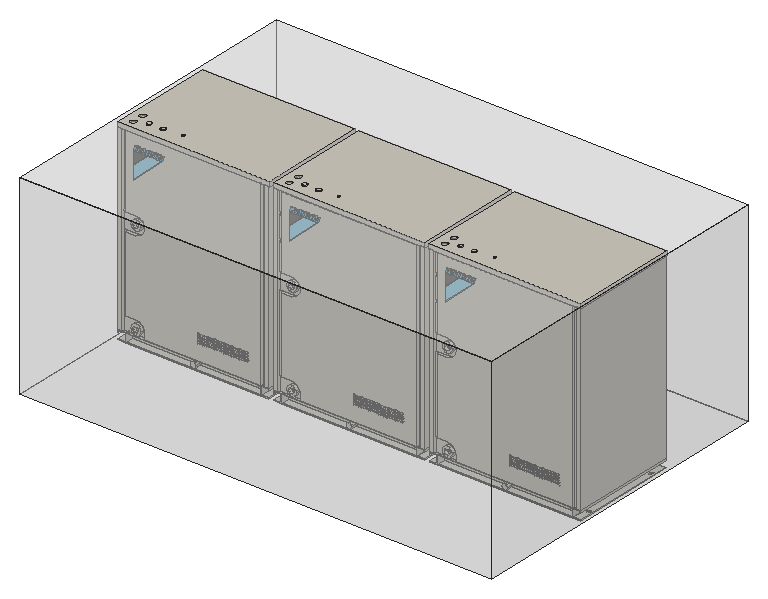
Revit family "outputfile", category 機械設備, Revit 2024
Family settings
  丸型コネクタ寸法 = 半径を使用
  種別 = なし
  パーツ タイプ = 標準
  OmniClass 番号 = 23.75.10.24.21.27.27
  OmniClass タイトル = Split System Air Conditioning Units
  作業面ベース = いいえ
  常に垂直 = はい
  ロード時にボイドで切り取り = いいえ
  注釈の向きを維持 = いいえ
  共有 = いいえ
  部屋計算ポイント = いいえ
Parameters (values of type "RWEYQ28TYM")
  製造元 = "Daikin"
  書き出し IFC クラス(タイプ) = "IfcUnitaryEquipmentType"
  定義済み IFC タイプ(タイプ) = "AIRCONDITIONINGUNIT"
  モデル = "RWEYQ28TYM"
  w_unit3 = 780.0 mm
  w_unit2 = 780.0 mm
  w_unit1 = 780.0 mm
  switch_unit3_6-8 [instance] = if(Reverse_ModuleSequence, if(default_unit1 = 1, 1 = 1, 1 = 0), if(default_unit3 = 1, 1 = 1, 1 = 0))  # yes
  switch_unit3_12 [instance] = if(Reverse_ModuleSequence, if(default_unit1 = 3, 1 = 1, 1 = 0), if(default_unit3 = 3, 1 = 1, 1 = 0))  # no
  switch_unit3_10 [instance] = if(Reverse_ModuleSequence, if(default_unit1 = 2, 1 = 1, 1 = 0), if(default_unit3 = 2, 1 = 1, 1 = 0))  # no
  switch_unit2_6-8 [instance] = if(default_unit2 = 1, 1 = 1, 1 = 0)  # no
  switch_unit2_12 [instance] = if(default_unit2 = 3, 1 = 1, 1 = 0)  # no
  switch_unit2_10 [instance] = if(default_unit2 = 2, 1 = 1, 1 = 0)  # yes
  switch_unit1_6-8 [instance] = if(Reverse_ModuleSequence, if(default_unit3 = 1, 1 = 1, 1 = 0), if(default_unit1 = 1, 1 = 1, 1 = 0))  # no
  switch_unit1_12 [instance] = if(Reverse_ModuleSequence, if(default_unit3 = 3, 1 = 1, 1 = 0), if(default_unit1 = 3, 1 = 1, 1 = 0))  # no
  switch_unit1_10 [instance] = if(Reverse_ModuleSequence, if(default_unit3 = 2, 1 = 1, 1 = 0), if(default_unit1 = 2, 1 = 1, 1 = 0))  # yes
  r_Water Outlet Pipe Connection_unit3 [instance] = Water Outlet Pipe Connection_Unit3 / 2  # 15.9 mm
  r_Water Outlet Pipe Connection_unit2 [instance] = Water Outlet Pipe Connection_Unit2 / 2  # 15.9 mm
  r_Water Outlet Pipe Connection_unit1 [instance] = Water Outlet Pipe Connection_Unit1 / 2  # 15.9 mm
  r_Water Inlet Pipe Connection_unit3 [instance] = Water Inlet Pipe Connection_Unit3 / 2  # 15.9 mm
  r_Water Inlet Pipe Connection_unit2 [instance] = Water Inlet Pipe Connection_Unit2 / 2  # 15.9 mm
  r_Water Inlet Pipe Connection_unit1 [instance] = Water Inlet Pipe Connection_Unit1 / 2  # 15.9 mm
  r_Drain Pipe Size = Drain Pipe Size / 2  # 6.35 mm
  lw_Water Outlet3 = 95.0 mm
  lw_Water Outlet2 = 95.0 mm
  lw_Water Outlet1 = 95.0 mm
  lw_Water Inlet3 = 95.0 mm
  lw_Water Inlet2 = 95.0 mm
  lw_Water Inlet1 = 95.0 mm
  lw_Drain3 = 390.0 mm
  lw_Drain2 = 390.0 mm
  lw_Drain1 = 390.0 mm
  default_Water Outlet Pipe Connection_Unit 3 = 31.8 mm
  default_Water Outlet Pipe Connection_Unit 2 = 31.8 mm
  default_Water Outlet Pipe Connection_Unit 1 = 31.8 mm
  default_Water Inlet Pipe Connection_Unit 3 = 31.8 mm
  default_Water Inlet Pipe Connection_Unit 2 = 31.8 mm
  default_Water Inlet Pipe Connection_Unit 1 = 31.8 mm
  angle_Drain [instance] = if(Rear Connection_Drain, 180.00°, 0.00°)  # 0.00°
  r_Liquid Pipe Size_unit3 [instance] = Liquid Pipe Size_Unit 3 / 2  # 4.75 mm
  r_Liquid Pipe Size_unit2 [instance] = Liquid Pipe Size_Unit 2 / 2  # 4.75 mm
  r_HP/LP Gas Pipe Size_unit3 [instance] = [HP/LP Gas Pipe Size_Unit 3] / 2  # 9.55 mm
  r_HP/LP Gas Pipe Size_unit2 [instance] = [HP/LP Gas Pipe Size_Unit 2] / 2  # 11.1 mm
  r_HP/LP Gas Pipe Size_unit1 [instance] = [HP/LP Gas Pipe Size_Unit 1] / 2  # 11.1 mm
  r_Gas Pipe Size_unit3 [instance] = Gas Pipe Size_Unit 3 / 2  # 9.55 mm
  r_Gas Pipe Size_unit2 [instance] = Gas Pipe Size_Unit 2 / 2  # 11.1 mm
  lw_powersupply3 = 51.0 mm
  lw_powersupply2 = 51.0 mm
  lw_liquidpipe3 = 274.0 mm
  lw_liquidpipe2 = 274.0 mm
  lw_gaspipe3 [instance] = if(Heat Pump, 107.0 mm, 178.0 mm)  # 107.0 mm
  lw_gaspipe2 [instance] = if(Heat Pump, 107.0 mm, 178.0 mm)  # 107.0 mm
  lw_HP/LP Gas Pipe3 [instance] = if(Heat Pump, 178.0 mm, 107.0 mm)  # 178.0 mm
  lw_HP/LP Gas Pipe2 [instance] = if(Heat Pump, 178.0 mm, 107.0 mm)  # 178.0 mm
  lw_HP/LP Gas Pipe1 [instance] = if(Heat Pump, 178.0 mm, 107.0 mm)  # 178.0 mm
  ld_HP/LP Gas Pipe = 69.0 mm
  h_mountinghole = [h_***] + 2.3 mm  # 2.3 mm
  r_Liquid Pipe Size_unit1 [instance] = Liquid Pipe Size_Unit 1 / 2  # 4.75 mm
  r_Gas Pipe Size_unit1 [instance] = Gas Pipe Size_Unit 1 / 2  # 11.1 mm
  distance_unit2-3 [instance] = 20.0 mm
  distance_unit1-2 [instance] = 20.0 mm
  default_unit3 = 1
  default_unit2 = 2
  default_unit1 = 2
  default_Model_Unit 3 = "RWEYQ8TYM"
  default_Model_Unit 2 = "RWEYQ10TYM"
  default_Model_Unit 1 = "RWEYQ10TYM"
  default_Liquid Pipe Size_Unit 3 = 9.5 mm
  default_Liquid Pipe Size_Unit 2 = 9.5 mm
  default_Liquid Pipe Size_Unit 1 = 9.5 mm
  default_HP/LP Gas Pipe Size_Unit 3 [instance] = if(and(Heat Pump, [switch_unit3_6-8]), 19.1 mm, if(and(Heat Pump, switch_unit3_10), 22.2 mm, if(and(Heat Pump, switch_unit3_12), 22.2 mm, if(and(Heat Recovery, [switch_unit3_6-8]), 15.9 mm, if(and(Heat Recovery, switch_unit3_10), 19.1 mm, if(and(Heat Recovery, switch_unit3_12), 19.1 mm, 19.1 mm))))))  # 19.1 mm
  default_HP/LP Gas Pipe Size_Unit 2 [instance] = if(and(Heat Pump, [switch_unit2_6-8]), 19.1 mm, if(and(Heat Pump, switch_unit2_10), 22.2 mm, if(and(Heat Pump, switch_unit2_12), 22.2 mm, if(and(Heat Recovery, [switch_unit2_6-8]), 15.9 mm, if(and(Heat Recovery, switch_unit2_10), 19.1 mm, if(and(Heat Recovery, switch_unit2_12), 19.1 mm, 19.1 mm))))))  # 22.2 mm
  default_HP/LP Gas Pipe Size_Unit 1 [instance] = if(and(Heat Pump, [switch_unit1_6-8]), 19.1 mm, if(and(Heat Pump, switch_unit1_10), 22.2 mm, if(and(Heat Pump, switch_unit1_12), 22.2 mm, if(and(Heat Recovery, [switch_unit1_6-8]), 15.9 mm, if(and(Heat Recovery, switch_unit1_10), 19.1 mm, if(and(Heat Recovery, switch_unit1_12), 19.1 mm, 19.1 mm))))))  # 22.2 mm
  default_Gas Pipe Size_Unit 3 = 19.1 mm
  default_Gas Pipe Size_Unit 2 = 22.2 mm
  default_Gas Pipe Size_Unit 1 = 22.2 mm
  Water Outlet Pipe Connection_Unit3 [instance] = if(Reverse_ModuleSequence, default_Water Outlet Pipe Connection_Unit 1, default_Water Outlet Pipe Connection_Unit 3)  # 31.8 mm
  Water Outlet Pipe Connection_Unit2 [instance] = if(Reverse_ModuleSequence, default_Water Inlet Pipe Connection_Unit 2, default_Water Inlet Pipe Connection_Unit 2)  # 31.8 mm
  Water Outlet Pipe Connection_Unit1 [instance] = if(Reverse_ModuleSequence, default_Water Outlet Pipe Connection_Unit 3, default_Water Outlet Pipe Connection_Unit 1)  # 31.8 mm
  Water Inlet Pipe Connection_Unit3 [instance] = if(Reverse_ModuleSequence, default_Water Inlet Pipe Connection_Unit 1, default_Water Inlet Pipe Connection_Unit 3)  # 31.8 mm
  Water Inlet Pipe Connection_Unit2 [instance] = if(Reverse_ModuleSequence, default_Water Outlet Pipe Connection_Unit 2, default_Water Outlet Pipe Connection_Unit 2)  # 31.8 mm
  Water Inlet Pipe Connection_Unit1 [instance] = if(Reverse_ModuleSequence, default_Water Inlet Pipe Connection_Unit 3, default_Water Inlet Pipe Connection_Unit 1)  # 31.8 mm
  Voltage_comment_60Hz = "380"
  Voltage_comment_50Hz = "380-415"
  Voltage_60Hz = 380 V
  Voltage_50Hz = 400 V
  Top Connection_powersupply2 [instance] = not(Top Connection_powersupply1)  # no
  Sound Power Level (dB) = 76
  Reverse_ModuleSequence [instance] = no
  Rear Connection_Drain [instance] = not(Front Connection_Drain)  # no
  Power Input (Heating) = 15.200 kW
  Phase_60Hz = 3
  Phase_50Hz = 3
  Nominal Heating Capacity = 88.000 kW
  Model_Unit 3 [instance] = if(Reverse_ModuleSequence, default_Model_Unit 1, default_Model_Unit 3)  # "RWEYQ8TYM"
  Model_Unit 2 [instance] = if(Reverse_ModuleSequence, default_Model_Unit 2, default_Model_Unit 2)  # "RWEYQ10TYM"
  Model_Unit 1 [instance] = if(Reverse_ModuleSequence, default_Model_Unit 3, default_Model_Unit 1)  # "RWEYQ10TYM"
  Minimum Circuit Amps_60Hz = 40.9 A
  Minimum Circuit Amps_50Hz = 40.9 A
  Maximum Fuse Amps_60Hz = 45.0 A
  Maximum Fuse Amps_50Hz = 45.0 A
  Material_Heat Exchanger = DAIKIN_Blue_HE_outdoorunit
  Material_Casing = DAIKIN_IvoryWhite_Casing_outdoorunit
  lw_powersupply1 = 51.0 mm
  lw_liquidpipe1 = 274.0 mm
  lw_gaspipe1 [instance] = if(Heat Pump, 107.0 mm, 178.0 mm)  # 107.0 mm
  lh_powersupply = 940.0 mm
  ld_powersupply [instance] = if(Top Connection_powersupply1, 38.0 mm, 98.0 mm)  # 38.0 mm
  ld_liquidpipe = 79.0 mm
  ld_gaspipe = 69.0 mm
  h_*** = 0.0 mm
  Width [instance] = [distance_unit1-2] + [distance_unit2-3] + w_unit1 + w_unit2 + w_unit3  # 2380.0 mm
  Version = "ver.1.0"
  Unit Type = ""
  Unit Mass Weight = 440.00 kg
  Unit Designation [instance] = ""
  Uniclass2015Version = "Products v1.30"
  Uniclass2015Title = "Variable refrigerant flow units"
  Uniclass2015Code = "Pr_70_65_03_94"
  Total Cooling Capacity [instance] = 0.000 kW
  Sound Pressure Level (dBA) = 56
  Series = "VRV Heat Recovery"
  Refrigerant_Base Charge = 11.900 kg
  Refrigerant_Additional Charge [instance] = 0.000 kg
  Refrigerant Type = "R410A"
  Power Input (Cooling) = 14.700 kW
  Option Accessory 3 [instance] = ""
  Option Accessory 2 [instance] = ""
  Option Accessory 1 [instance] = ""
  Nominal Cooling Capacity = 78.400 kW
  Load Classification = HVAC
  Liquid Pipe Size_Unit 3 [instance] = if(Reverse_ModuleSequence, default_Liquid Pipe Size_Unit 1, default_Liquid Pipe Size_Unit 3)  # 9.5 mm
  Liquid Pipe Size_Unit 2 [instance] = if(Reverse_ModuleSequence, default_Liquid Pipe Size_Unit 2, default_Liquid Pipe Size_Unit 2)  # 9.5 mm
  Liquid Pipe Size_Unit 1 [instance] = if(Reverse_ModuleSequence, default_Liquid Pipe Size_Unit 3, default_Liquid Pipe Size_Unit 1)  # 9.5 mm
  Link_Nested Family [instance] = ""
  Intermediate Liquid Pipe Size_Unit1-2 = 15.9 mm
  Intermediate HP/LP Gas Pipe Size_Unit1-2 = 22.2 mm
  Intermediate Gas Pipe Size_Unit1-2 = 28.6 mm
  IfcVersion = ""
  IfcExportType = "AIRCONDITIONINGUNIT"
  IfcExportAs = "IfcUnitaryEquipmentType"
  Height = 1000.0 mm
  Heat Recovery [instance] = not(Heat Pump)  # no
  Heat Pump [instance] = yes
  Heat Exchanger Type = "Stainless Steel Plate"
  HP/LP Gas Pipe Size_Unit 3 [instance] = [default_HP/LP Gas Pipe Size_Unit 3]  # 19.1 mm
  HP/LP Gas Pipe Size_Unit 2 [instance] = [default_HP/LP Gas Pipe Size_Unit 2]  # 22.2 mm
  HP/LP Gas Pipe Size_Unit 1 [instance] = [default_HP/LP Gas Pipe Size_Unit 1]  # 22.2 mm
  Gas Pipe Size_Unit 3 [instance] = if(Reverse_ModuleSequence, default_Gas Pipe Size_Unit 1, default_Gas Pipe Size_Unit 3)  # 19.1 mm
  Gas Pipe Size_Unit 2 [instance] = if(Reverse_ModuleSequence, default_Gas Pipe Size_Unit 2, default_Gas Pipe Size_Unit 2)  # 22.2 mm
  Gas Pipe Size_Unit 1 [instance] = if(Reverse_ModuleSequence, default_Gas Pipe Size_Unit 3, default_Gas Pipe Size_Unit 1)  # 22.2 mm
  Top Connection_powersupply1 [instance] = yes
  Front Connection_Drain [instance] = yes
  Frequency_60Hz = 60 Hz
  Frequency_50Hz = 50 Hz
  Drain Pipe Size = 12.7 mm
  Depth = 550.0 mm
  既定の高さ = 0.0 mm
  Cooling Ambient Wet Bulb Temperature [instance] = 0.00 °C
  Cooling Ambient Dry Bulb Temperature [instance] = 0.00 °C
  Compressor Type = "Hermetically Sealed Scroll Type"
  Clearance visibility [instance] = yes
  Clearance Top = 0.0 mm
  Clearance Right = 20.0 mm
  Clearance Rear = 500.0 mm
  Clearance Left = 20.0 mm
  Clearance Front = 600.0 mm
  Clearance Bottom = 0.0 mm
  CU Tag No. [instance] = ""
Reference planes
  plane 1 "Center (Front/Back)": y = 0
  plane 2 "h_***": z = 0
  plane 3 "Center (Left/Right)": x = 0
  plane 4 "Back": y = 275
  plane 5 "Front": y = -275
  plane 6 "Left": x = -390
  plane 7 "w_unit1": x = 390
  plane 8 "Top": z = 1000
  plane 9 "Clearance Rear": y = 775
  plane 10 "Clearance Front": y = -875
  plane 11 "Clearance Left": x = -410
  plane 12 "Clearance Right": x = 2010
  plane 13 "Clearance Top": z = 1000
  plane 14 "Clearance Bottom": z = 0
  plane 15 "Bottom": z = 0
  plane 16 "lw_powersupply1": x = -339
  plane 17 "ld_powersupply": y = -237
  plane 18 "lw_liquidpipe1": x = -116
  plane 19 "Rear Connection_refrigetant": y = -196
  plane 20 "lw_gaspipe1": x = -283
  plane 21 "ld_gaspipe": y = -206
  plane 22 "lh_logo": z = 900
  plane 23 "lw_logo": x = 100
  plane 24 "lh_powersupply": z = 940
  plane 25 "lw_HP/LP Gas Pipe1": x = -212
  plane 26 "ld_HP/LP Gas Pipe": y = -206
  plane 27 "l_unit2": x = 410
  plane 28 "w_unit2": x = 1190
  plane 29 "lw_powersupply2": x = 461
  plane 30 "lw_liquidpipe2": x = 684
  plane 31 "lw_gaspipe2": x = 517
  plane 32 "lw_HP/LP Gas Pipe2": x = 588
  plane 33 "Right": x = 1990
  plane 34 "叴": x = 1210
  plane 35 "叵": x = 1261
  plane 36 "叶": x = 1484
  plane 37 "号": x = 1317
  plane 38 "司": x = 1388
  plane 39 "lw_Water Inlet1": x = -295
  plane 40 "lw_Water Inlet2": x = 505
  plane 41 "lw_Water Inlet3": x = 1305
  plane 42 "lw_Water Outlet1": x = -295
  plane 43 "lw_Water Outlet2": x = 505
  plane 44 "lw_Water Outlet3": x = 1305
  plane 45 "lw_Drain1": x = 0
  plane 46 "lw_Drain2": x = 800
  plane 47 "lw_Drain3": x = 1600
Dimensions and locks
  equal spacing: plane 4 "Back", plane 1 "Center (Front/Back)", plane 5 "Front"
  "Depth": plane 4 "Back" to plane 5 "Front"
  equal spacing: plane 6 "Left", plane 3 "Center (Left/Right)", plane 7 "w_unit1"
  "w_unit1": plane 6 "Left" to plane 7 "w_unit1"
  "Clearance Rear": plane 9 "Clearance Rear" to plane 4 "Back"
  "Clearance Front": plane 10 "Clearance Front" to plane 5 "Front"
  "Clearance Left": plane 11 "Clearance Left" to plane 6 "Left"
  "Clearance Top": plane 13 "Clearance Top" to plane 8 "Top"
  "h_***": plane 15 "Bottom" to plane 2 "h_***"
  "Height": plane 8 "Top" to plane 15 "Bottom"
  "Clearance Bottom": plane 15 "Bottom" to plane 14 "Clearance Bottom"
  "ld_powersupply": plane 17 "ld_powersupply" to plane 5 "Front"
  "ld_liquidpipe": plane 19 "Rear Connection_refrigetant" to plane 5 "Front"
  "ld_gaspipe": plane 21 "ld_gaspipe" to plane 5 "Front"
  locked: plane 23 "lw_logo" to plane 7 "w_unit1" at 290
  locked: plane 22 "lh_logo" to plane 15 "Bottom" at 900
  "lw_gaspipe1": plane 6 "Left" to plane 20 "lw_gaspipe1"
  "lw_liquidpipe1": plane 6 "Left" to plane 18 "lw_liquidpipe1"
  "lw_powersupply1": plane 6 "Left" to plane 16 "lw_powersupply1"
  "lh_powersupply": plane 24 "lh_powersupply" to plane 15 "Bottom"
  "lw_HP/LP Gas Pipe1": plane 6 "Left" to plane 25 "lw_HP/LP Gas Pipe1"
  "ld_HP/LP Gas Pipe": plane 26 "ld_HP/LP Gas Pipe" to plane 5 "Front"
  "distance_unit1-2": plane 7 "w_unit1" to plane 27 "l_unit2"
  "lw_powersupply2": plane 27 "l_unit2" to plane 29 "lw_powersupply2"
  "lw_HP/LP Gas Pipe2": plane 27 "l_unit2" to plane 32 "lw_HP/LP Gas Pipe2"
  "lw_gaspipe2": plane 27 "l_unit2" to plane 31 "lw_gaspipe2"
  "lw_liquidpipe2": plane 27 "l_unit2" to plane 30 "lw_liquidpipe2"
  "w_unit2": plane 27 "l_unit2" to plane 28 "w_unit2"
  "distance_unit2-3": plane 28 "w_unit2" to plane 34 "叴"
  "Width": plane 6 "Left" to plane 33 "Right"
  "Clearance Right": plane 33 "Right" to plane 12 "Clearance Right"
  "lw_powersupply3": plane 34 "叴" to plane 35 "叵"
  "lw_HP/LP Gas Pipe3": plane 34 "叴" to plane 38 "司"
  "lw_gaspipe3": plane 34 "叴" to plane 37 "号"
  "lw_liquidpipe3": plane 34 "叴" to plane 36 "叶"
  "lw_Water Inlet1": plane 6 "Left" to plane 39 "lw_Water Inlet1"
  "lw_Water Inlet2": plane 27 "l_unit2" to plane 40 "lw_Water Inlet2"
  "lw_Water Inlet3": plane 34 "叴" to plane 41 "lw_Water Inlet3"
  "lw_Water Outlet1": plane 6 "Left" to plane 42 "lw_Water Outlet1"
  "lw_Water Outlet2": plane 27 "l_unit2" to plane 43 "lw_Water Outlet2"
  "lw_Water Outlet3": plane 34 "叴" to plane 44 "lw_Water Outlet3"
  "lw_Drain1": plane 6 "Left" to plane 45 "lw_Drain1"
  "lw_Drain2": plane 27 "l_unit2" to plane 46 "lw_Drain2"
  "lw_Drain3": plane 34 "叴" to plane 47 "lw_Drain3"
  aligned and locked: level to plane 2 "h_***"
  aligned and locked: nested 2 to plane 9 "Clearance Rear"
  aligned and locked: nested 2 to plane 10 "Clearance Front"
  aligned and locked: plane 11 "Clearance Left" to nested 2
  aligned and locked: plane 12 "Clearance Right" to nested 2
  aligned and locked: nested 2 to plane 13 "Clearance Top"
  aligned and locked: nested 2 to plane 14 "Clearance Bottom"
  aligned and locked: plane 8 "Top" to nested 1
  aligned and locked: plane 22 "lh_logo" to nested 7
  aligned and locked: nested 8 to plane 16 "lw_powersupply1"
  aligned and locked: nested 9 to plane 20 "lw_gaspipe1"
  aligned and locked: nested 10 to plane 18 "lw_liquidpipe1"
  aligned and locked: nested 10 to plane 19 "Rear Connection_refrigetant"
  aligned and locked: nested 9 to plane 21 "ld_gaspipe"
  aligned and locked: nested 8 to plane 17 "ld_powersupply"
  aligned and locked: plane 5 "Front" to nested 7
  aligned and locked: plane 24 "lh_powersupply" to nested 8
  aligned and locked: plane 27 "l_unit2" to nested 11
  aligned and locked: nested 17 to plane 29 "lw_powersupply2"
  aligned and locked: nested 17 to plane 17 "ld_powersupply"
  aligned and locked: nested 18 to plane 31 "lw_gaspipe2"
  aligned and locked: nested 18 to plane 26 "ld_HP/LP Gas Pipe"
  aligned and locked: plane 1 "Center (Front/Back)" to nested 20
  aligned and locked: plane 34 "叴" to nested 20
  aligned and locked: nested 27 to plane 35 "叵"
  aligned and locked: nested 28 to plane 37 "号"
  aligned and locked: nested 26 to plane 36 "叶"
  aligned and locked: plane 17 "ld_powersupply" to nested 27
  aligned and locked: plane 21 "ld_gaspipe" to nested 28
  aligned and locked: plane 19 "Rear Connection_refrigetant" to nested 26
  aligned and locked: nested 27 to plane 24 "lh_powersupply"
  aligned and locked: plane 1 "Center (Front/Back)" to nested 29
  aligned and locked: plane 1 "Center (Front/Back)" to nested 30
  aligned and locked: plane 1 "Center (Front/Back)" to nested 31
  aligned and locked: plane 1 "Center (Front/Back)" to nested 32
  aligned and locked: plane 1 "Center (Front/Back)" to nested 33
  aligned and locked: plane 1 "Center (Front/Back)" to nested 34
  aligned and locked: plane 1 "Center (Front/Back)" to nested 35
  aligned and locked: plane 1 "Center (Front/Back)" to nested 36
  aligned and locked: plane 1 "Center (Front/Back)" to nested 37
  aligned and locked: plane 39 "lw_Water Inlet1" to nested 29
  aligned and locked: plane 40 "lw_Water Inlet2" to nested 30
  aligned and locked: plane 41 "lw_Water Inlet3" to nested 31
  aligned and locked: plane 42 "lw_Water Outlet1" to nested 32
  aligned and locked: plane 43 "lw_Water Outlet2" to nested 33
  aligned and locked: plane 44 "lw_Water Outlet3" to nested 34
  aligned and locked: plane 45 "lw_Drain1" to nested 35
  aligned and locked: plane 46 "lw_Drain2" to nested 36
  aligned and locked: plane 47 "lw_Drain3" to nested 37
  aligned and locked: plane 25 "lw_HP/LP Gas Pipe1" to nested 38
  aligned and locked: plane 32 "lw_HP/LP Gas Pipe2" to nested 39
  aligned and locked: plane 38 "司" to nested 40
  aligned and locked: nested 38 to plane 26 "ld_HP/LP Gas Pipe"
  aligned and locked: nested 39 to plane 26 "ld_HP/LP Gas Pipe"
  aligned and locked: plane 26 "ld_HP/LP Gas Pipe" to nested 40
Nested families
  nested 1: "DAIKIN_outdoorunit_RWEYQ-TYM" at (-31, 0, 0), h_*** <- "h_***", Link_Nest <- "Link_Nested Family", h_mountinghole <- "h_mountinghole", Width <- "w_unit1", switch_unit1_6-8 <- "switch_unit1_6-8", switch_unit1_10 <- "switch_unit1_10", switch_unit1_12 <- "switch_unit1_12", type "RWEYQ-TYM"
    with switch_unit1_6-8 no, switch_unit1_12 no, switch_unit1_10 yes, show_fixedhole yes, h_mountinghole 2.3 mm, h_antenna_mountinghole 998.7 mm, h_*** 0.0 mm, array_bolt 5, Width 780.0 mm, Liquid Pipe Size_Unit 1 9.5 mm, Link_Nest "", HP/LP Pipe Size_Unit 1 22.2 mm, Gas Pipe Size_Unit 1 22.2 mm, Heat Recovery no, Heat Pump yes, HP/LP Pipe Size_Unit 1_L 178.0 mm, Gas Pipe Size_Unit 1_L 107.0 mm
  nested 2: "daikin_clearancespace" at (800, -50, 500.119), visible <- "Clearance visibility", show <- "Clearance visibility", Link_Nested Family <- "Link_Nested Family", type "daikin_clearancespace"
    with width 2420.0 mm, show yes, height 1000.0 mm, depth 1650.0 mm, Link_Nested Family ""
  nested 3: "daikin_mountinghole" at (-372, 200, 0), type "daikin_mountinghole"
    with show yes, l_antenna 998.7 mm, h_mountinghole 2.3 mm, Link_Nested Family ""
  nested 4: "daikin_mountinghole" at (372, 200, 0), type "daikin_mountinghole"
    with show yes, l_antenna 998.7 mm, h_mountinghole 2.3 mm, Link_Nested Family ""
  nested 5: "daikin_mountinghole" at (-372, -200, 0), type "daikin_mountinghole"
    with show yes, l_antenna 998.7 mm, h_mountinghole 2.3 mm, Link_Nested Family ""
  nested 6: "daikin_mountinghole" at (372, -200, 0), type "daikin_mountinghole"
    with show yes, l_antenna 998.7 mm, h_mountinghole 2.3 mm, Link_Nested Family ""
  nested 7: "daikin_logo_elevation_w150" at (-212.5, -275, 744.568), type "daikin_logo_elevation_w150"
    with show_logo yes
  nested 8: "daikin_connector_rotate3" at (-339, -237, 940) x (-1, 0, 0) z (0, 0, -1), type "daikin_connector_rotate3"
    with show no, radius 10.0 mm, length 60.0 mm, angle_vertical 0.00°, angle_horizontal 0.00°
  nested 9: "daikin_connector_rotate3" at (-283, -206, 940) x (-1, 0, 0) z (0, 0, -1), radius <- "r_Gas Pipe Size_unit1", type "daikin_connector_rotate3"
    with show no, radius 11.1 mm, length 60.0 mm, angle_vertical 0.00°, angle_horizontal 0.00°
  nested 10: "daikin_connector_rotate3" at (-116, -196, 940) x (-1, 0, 0) z (0, 0, -1), radius <- "r_Liquid Pipe Size_unit1", type "daikin_connector_rotate3"
    with show no, radius 4.75 mm, length 60.0 mm, angle_vertical 0.00°, angle_horizontal 0.00°
  nested 11: "DAIKIN_outdoorunit_RWEYQ-TYM" at (769, 0, 0), Width <- "w_unit2", switch_unit1_6-8 <- "switch_unit2_6-8", switch_unit1_10 <- "switch_unit2_10", switch_unit1_12 <- "switch_unit2_12", type "RWEYQ-TYM"
    with switch_unit1_6-8 no, switch_unit1_12 no, switch_unit1_10 yes, show_fixedhole yes, h_mountinghole 2.3 mm, h_antenna_mountinghole 998.7 mm, h_*** 0.0 mm, array_bolt 5, Width 780.0 mm, Liquid Pipe Size_Unit 1 9.5 mm, Link_Nest "", HP/LP Pipe Size_Unit 1 22.2 mm, Gas Pipe Size_Unit 1 22.2 mm, Heat Recovery no, Heat Pump yes, HP/LP Pipe Size_Unit 1_L 178.0 mm, Gas Pipe Size_Unit 1_L 107.0 mm
  nested 12: "daikin_mountinghole" at (428, 200, 0), type "daikin_mountinghole"
    with show yes, l_antenna 998.7 mm, h_mountinghole 2.3 mm, Link_Nested Family ""
  nested 13: "daikin_mountinghole" at (1172, 200, 0), type "daikin_mountinghole"
    with show yes, l_antenna 998.7 mm, h_mountinghole 2.3 mm, Link_Nested Family ""
  nested 14: "daikin_mountinghole" at (428, -200, 0), type "daikin_mountinghole"
    with show yes, l_antenna 998.7 mm, h_mountinghole 2.3 mm, Link_Nested Family ""
  nested 15: "daikin_mountinghole" at (1172, -200, 0), type "daikin_mountinghole"
    with show yes, l_antenna 998.7 mm, h_mountinghole 2.3 mm, Link_Nested Family ""
  nested 16: "daikin_connector_rotate3" at (684, -196, 940) x (-1, 0, 0) z (0, 0, -1), radius <- "r_Liquid Pipe Size_unit2", type "daikin_connector_rotate3"
    with show no, radius 4.75 mm, length 60.0 mm, angle_vertical 0.00°, angle_horizontal 0.00°
  nested 17: "daikin_connector_rotate3" at (461, -237, 940) x (-1, 0, 0) z (0, 0, -1), type "daikin_connector_rotate3"
    with show no, radius 10.0 mm, length 60.0 mm, angle_vertical 0.00°, angle_horizontal 0.00°
  nested 18: "daikin_connector_rotate3" at (517, -206, 940) x (-1, 0, 0) z (0, 0, -1), radius <- "r_Gas Pipe Size_unit2", type "daikin_connector_rotate3"
    with show no, radius 11.1 mm, length 60.0 mm, angle_vertical 0.00°, angle_horizontal 0.00°
  nested 19: "daikin_logo_elevation_w150" at (587.5, -275, 744.568), type "daikin_logo_elevation_w150"
    with show_logo yes
  nested 20: "DAIKIN_outdoorunit_RWEYQ-TYM" at (1569, 0, 0), switch_unit1_6-8 <- "switch_unit3_6-8", switch_unit1_10 <- "switch_unit3_10", switch_unit1_12 <- "switch_unit3_12", Width <- "w_unit3", type "RWEYQ-TYM"
    with switch_unit1_6-8 yes, switch_unit1_12 no, switch_unit1_10 no, show_fixedhole yes, h_mountinghole 2.3 mm, h_antenna_mountinghole 998.7 mm, h_*** 0.0 mm, array_bolt 5, Width 780.0 mm, Liquid Pipe Size_Unit 1 9.5 mm, Link_Nest "", HP/LP Pipe Size_Unit 1 19.1 mm, Gas Pipe Size_Unit 1 19.1 mm, Heat Recovery no, Heat Pump yes, HP/LP Pipe Size_Unit 1_L 178.0 mm, Gas Pipe Size_Unit 1_L 107.0 mm
  nested 21: "daikin_mountinghole" at (1228, 200, 0), type "daikin_mountinghole"
    with show yes, l_antenna 998.7 mm, h_mountinghole 2.3 mm, Link_Nested Family ""
  nested 22: "daikin_mountinghole" at (1972, 200, 0), type "daikin_mountinghole"
    with show yes, l_antenna 998.7 mm, h_mountinghole 2.3 mm, Link_Nested Family ""
  nested 23: "daikin_mountinghole" at (1228, -200, 0), type "daikin_mountinghole"
    with show yes, l_antenna 998.7 mm, h_mountinghole 2.3 mm, Link_Nested Family ""
  nested 24: "daikin_mountinghole" at (1972, -200, 0), type "daikin_mountinghole"
    with show yes, l_antenna 998.7 mm, h_mountinghole 2.3 mm, Link_Nested Family ""
  nested 25: "daikin_logo_elevation_w150" at (1387.5, -275, 744.568), type "daikin_logo_elevation_w150"
    with show_logo yes
  nested 26: "daikin_connector_rotate3" at (1484, -196, 940) x (-1, 0, 0) z (0, 0, -1), radius <- "r_Liquid Pipe Size_unit3", type "daikin_connector_rotate3"
    with show no, radius 4.75 mm, length 60.0 mm, angle_vertical 0.00°, angle_horizontal 0.00°
  nested 27: "daikin_connector_rotate3" at (1261, -237, 940) x (-1, 0, 0) z (0, 0, -1), type "daikin_connector_rotate3"
    with show no, radius 10.0 mm, length 60.0 mm, angle_vertical 0.00°, angle_horizontal 0.00°
  nested 28: "daikin_connector_rotate3" at (1317, -206, 940) x (-1, 0, 0) z (0, 0, -1), radius <- "r_Gas Pipe Size_unit3", type "daikin_connector_rotate3"
    with show no, radius 9.55 mm, length 60.0 mm, angle_vertical 0.00°, angle_horizontal 0.00°
  nested 29: "daikin_connector_rotate3" at (-295, 0, 76), radius <- "r_Water Inlet Pipe Connection_unit1", type "daikin_connector_rotate3"
    with show no, radius 15.9 mm, length 275.0 mm, angle_vertical 90.00°, angle_horizontal 0.00°
  nested 30: "daikin_connector_rotate3" at (505, 0, 76), radius <- "r_Water Inlet Pipe Connection_unit2", type "daikin_connector_rotate3"
    with show no, radius 15.9 mm, length 275.0 mm, angle_vertical 90.00°, angle_horizontal 0.00°
  nested 31: "daikin_connector_rotate3" at (1305, 0, 76), radius <- "r_Water Inlet Pipe Connection_unit3", type "daikin_connector_rotate3"
    with show no, radius 15.9 mm, length 275.0 mm, angle_vertical 90.00°, angle_horizontal 0.00°
  nested 32: "daikin_connector_rotate3" at (-295, 0, 556), radius <- "r_Water Outlet Pipe Connection_unit1", type "daikin_connector_rotate3"
    with show no, radius 15.9 mm, length 275.0 mm, angle_vertical 90.00°, angle_horizontal 0.00°
  nested 33: "daikin_connector_rotate3" at (505, 0, 556), radius <- "r_Water Outlet Pipe Connection_unit2", type "daikin_connector_rotate3"
    with show no, radius 15.9 mm, length 275.0 mm, angle_vertical 90.00°, angle_horizontal 0.00°
  nested 34: "daikin_connector_rotate3" at (1305, 0, 556), radius <- "r_Water Outlet Pipe Connection_unit3", type "daikin_connector_rotate3"
    with show no, radius 15.9 mm, length 275.0 mm, angle_vertical 90.00°, angle_horizontal 0.00°
  nested 35: "daikin_connector_rotate3" at (0, 0, 19), angle_horizontal <- "angle_Drain", radius <- "r_Drain Pipe Size", type "daikin_connector_rotate3"
    with show no, radius 6.35 mm, length 275.0 mm, angle_vertical 90.00°, angle_horizontal 0.00°
  nested 36: "daikin_connector_rotate3" at (800, 0, 19), angle_horizontal <- "angle_Drain", radius <- "r_Drain Pipe Size", type "daikin_connector_rotate3"
    with show no, radius 6.35 mm, length 275.0 mm, angle_vertical 90.00°, angle_horizontal 0.00°
  nested 37: "daikin_connector_rotate3" at (1600, 0, 19), angle_horizontal <- "angle_Drain", radius <- "r_Drain Pipe Size", type "daikin_connector_rotate3"
    with show no, radius 6.35 mm, length 275.0 mm, angle_vertical 90.00°, angle_horizontal 0.00°
  nested 38: "daikin_connector_rotate3" at (-212, -206, 940) x (1, 0, 0) z (0, 0, -1), radius <- "r_HP/LP Gas Pipe Size_unit1", type "daikin_connector_rotate3"
    with show no, radius 11.1 mm, length 60.0 mm, angle_vertical 0.00°, angle_horizontal 0.00°
  nested 39: "daikin_connector_rotate3" at (588, -206, 940) x (1, 0, 0) z (0, 0, -1), radius <- "r_HP/LP Gas Pipe Size_unit2", type "daikin_connector_rotate3"
    with show no, radius 11.1 mm, length 60.0 mm, angle_vertical 0.00°, angle_horizontal 0.00°
  nested 40: "daikin_connector_rotate3" at (1388, -206, 940) x (1, 0, 0) z (0, 0, -1), radius <- "r_HP/LP Gas Pipe Size_unit3", type "daikin_connector_rotate3"
    with show no, radius 9.55 mm, length 60.0 mm, angle_vertical 0.00°, angle_horizontal 0.00°
Connectors
  piping at (-116, -196, 1000), diameter 9.5, driven by "r_Liquid Pipe Size_unit1"
    settings: on nested 10, index 12, connector inside diameter 609.6 mm, connector length 0.0 mm, flow factor 0, pipe flow 0.00 m³/h, pressure drop 0.0 Pa, fitting loss kfactor 0, connector angle 0.00°, fixture units 0, engagement length 0.0 mm, angle of deflection 0.00°, flow configuration 0, flow direction 2, fitting loss method 0, system type 29, joint type 0, gender type 0, connector reference index -1, connector utility 0, adjustable connector no, is connector primary no, connector description "Refrigerant Liquid Piping1"
  electrical at (-339, -237, 1000), driven by "Load Classification"
    settings: on nested 8, index 13, voltage 0 V, apparent load 0 VA, apparent load phase1 0 VA, apparent load phase2 0 VA, apparent load phase3 0 VA, power factor 1, load classification "HVAC", number of poles 1, system type 30, power factor state 1, is connector primary yes, connector utility no, sub classification motor no, connector description "Power Supply1"
  piping at (684, -196, 1000), diameter 9.5, driven by "r_Liquid Pipe Size_unit2"
    settings: on nested 16, index 15, connector inside diameter 609.6 mm, connector length 0.0 mm, flow factor 0, pipe flow 0.00 m³/h, pressure drop 0.0 Pa, fitting loss kfactor 0, connector angle 0.00°, fixture units 0, engagement length 0.0 mm, angle of deflection 0.00°, flow configuration 0, flow direction 2, fitting loss method 0, system type 29, joint type 0, gender type 0, connector reference index -1, connector utility 0, adjustable connector no, is connector primary no, connector description "Refrigerant Liquid Piping2"
  electrical at (461, -237, 1000), driven by "Load Classification"
    settings: on nested 17, index 17, voltage 0 V, apparent load 0 VA, apparent load phase1 0 VA, apparent load phase2 0 VA, apparent load phase3 0 VA, power factor 1, load classification "HVAC", number of poles 1, system type 30, power factor state 1, is connector primary no, connector utility no, sub classification motor no, connector description "Power Supply2"
  piping at (1484, -196, 1000), diameter 9.5, driven by "r_Liquid Pipe Size_unit3"
    settings: on nested 26, index 19, connector inside diameter 609.6 mm, connector length 0.0 mm, flow factor 0, pipe flow 0.00 m³/h, pressure drop 0.0 Pa, fitting loss kfactor 0, connector angle 0.00°, fixture units 0, engagement length 0.0 mm, angle of deflection 0.00°, flow configuration 0, flow direction 2, fitting loss method 0, system type 29, joint type 0, gender type 0, connector reference index -1, connector utility 0, adjustable connector no, is connector primary no, connector description "Refrigerant Liquid Piping3"
  electrical at (1261, -237, 1000), driven by "Load Classification"
    settings: on nested 27, index 21, voltage 0 V, apparent load 0 VA, apparent load phase1 0 VA, apparent load phase2 0 VA, apparent load phase3 0 VA, power factor 1, load classification "HVAC", number of poles 1, system type 30, power factor state 1, is connector primary no, connector utility no, sub classification motor no, connector description "Power Supply3"
  piping at (-295, -275, 556), diameter 31.8, driven by "r_Water Outlet Pipe Connection_unit1"
    settings: on nested 32, index 24, connector inside diameter 609.6 mm, connector length 0.0 mm, flow factor 0, pipe flow 0.00 m³/h, pressure drop 0.0 Pa, fitting loss kfactor 0, connector angle 0.00°, fixture units 0, engagement length 0.0 mm, angle of deflection 0.00°, flow configuration 1, flow direction 2, fitting loss method 0, system type 8, joint type 0, gender type 0, connector reference index -1, connector utility 0, adjustable connector no, is connector primary no, connector description "Cooling Water Outlet Piping 1"
  piping at (-295, -275, 76), diameter 31.8, driven by "r_Water Inlet Pipe Connection_unit1"
    settings: on nested 29, index 25, connector inside diameter 609.6 mm, connector length 0.0 mm, flow factor 0, pipe flow 0.00 m³/h, pressure drop 0.0 Pa, fitting loss kfactor 0, connector angle 0.00°, fixture units 0, engagement length 0.0 mm, angle of deflection 0.00°, flow configuration 1, flow direction 1, fitting loss method 0, system type 7, joint type 0, gender type 0, connector reference index -1, connector utility 0, adjustable connector no, is connector primary no, connector description "Cooling Water Inlet  Piping 1"
  piping at (0, -275, 19), diameter 12.7, driven by "r_Drain Pipe Size"
    settings: on nested 35, index 26, connector inside diameter 609.6 mm, connector length 0.0 mm, flow factor 0, pipe flow 0.00 m³/h, pressure drop 0.0 Pa, fitting loss kfactor 0, connector angle 0.00°, fixture units 0, engagement length 0.0 mm, angle of deflection 0.00°, flow configuration 1, flow direction 2, fitting loss method 4, system type 16, joint type 0, gender type 0, connector reference index -1, connector utility 0, adjustable connector no, is connector primary no, connector description "Condensate Drain Piping 1"
  piping at (505, -275, 556), diameter 31.8, driven by "r_Water Outlet Pipe Connection_unit2"
    settings: on nested 33, index 27, connector inside diameter 609.6 mm, connector length 0.0 mm, flow factor 0, pipe flow 0.00 m³/h, pressure drop 0.0 Pa, fitting loss kfactor 0, connector angle 0.00°, fixture units 0, engagement length 0.0 mm, angle of deflection 0.00°, flow configuration 1, flow direction 2, fitting loss method 0, system type 8, joint type 0, gender type 0, connector reference index -1, connector utility 0, adjustable connector no, is connector primary no, connector description "Cooling Water Outlet Piping 2"
  piping at (505, -275, 76), diameter 31.8, driven by "r_Water Inlet Pipe Connection_unit2"
    settings: on nested 30, index 28, connector inside diameter 609.6 mm, connector length 0.0 mm, flow factor 0, pipe flow 0.00 m³/h, pressure drop 0.0 Pa, fitting loss kfactor 0, connector angle 0.00°, fixture units 0, engagement length 0.0 mm, angle of deflection 0.00°, flow configuration 1, flow direction 1, fitting loss method 0, system type 7, joint type 0, gender type 0, connector reference index -1, connector utility 0, adjustable connector no, is connector primary no, connector description "Cooling Water Inlet  Piping 2"
  piping at (800, -275, 19), diameter 12.7, driven by "r_Drain Pipe Size"
    settings: on nested 36, index 29, connector inside diameter 609.6 mm, connector length 0.0 mm, flow factor 0, pipe flow 0.00 m³/h, pressure drop 0.0 Pa, fitting loss kfactor 0, connector angle 0.00°, fixture units 0, engagement length 0.0 mm, angle of deflection 0.00°, flow configuration 1, flow direction 2, fitting loss method 4, system type 16, joint type 0, gender type 0, connector reference index -1, connector utility 0, adjustable connector no, is connector primary no, connector description "Condensate Drain Piping 2"
  piping at (1305, -275, 76), diameter 31.8, driven by "r_Water Inlet Pipe Connection_unit3"
    settings: on nested 31, index 30, connector inside diameter 609.6 mm, connector length 0.0 mm, flow factor 0, pipe flow 0.00 m³/h, pressure drop 0.0 Pa, fitting loss kfactor 0, connector angle 0.00°, fixture units 0, engagement length 0.0 mm, angle of deflection 0.00°, flow configuration 1, flow direction 1, fitting loss method 0, system type 7, joint type 0, gender type 0, connector reference index -1, connector utility 0, adjustable connector no, is connector primary no, connector description "Cooling Water Inlet  Piping 3"
  piping at (1305, -275, 556), diameter 31.8, driven by "r_Water Outlet Pipe Connection_unit3"
    settings: on nested 34, index 31, connector inside diameter 609.6 mm, connector length 0.0 mm, flow factor 0, pipe flow 0.00 m³/h, pressure drop 0.0 Pa, fitting loss kfactor 0, connector angle 0.00°, fixture units 0, engagement length 0.0 mm, angle of deflection 0.00°, flow configuration 1, flow direction 2, fitting loss method 0, system type 8, joint type 0, gender type 0, connector reference index -1, connector utility 0, adjustable connector no, is connector primary no, connector description "Cooling Water Outlet Piping 3"
  piping at (1600, -275, 19), diameter 12.7, driven by "r_Drain Pipe Size"
    settings: on nested 37, index 32, connector inside diameter 609.6 mm, connector length 0.0 mm, flow factor 0, pipe flow 0.00 m³/h, pressure drop 0.0 Pa, fitting loss kfactor 0, connector angle 0.00°, fixture units 0, engagement length 0.0 mm, angle of deflection 0.00°, flow configuration 1, flow direction 2, fitting loss method 4, system type 16, joint type 0, gender type 0, connector reference index -1, connector utility 0, adjustable connector no, is connector primary no, connector description "Condensate Drain Piping 3"
  piping at (-212, -206, 1000), diameter 22.2, driven by "r_HP/LP Gas Pipe Size_unit1"
    settings: on nested 38, index 36, connector inside diameter 609.6 mm, connector length 0.0 mm, flow factor 0, pipe flow 0.00 m³/h, pressure drop 0.0 Pa, fitting loss kfactor 0, connector angle 0.00°, fixture units 0, engagement length 0.0 mm, angle of deflection 0.00°, flow configuration 0, flow direction 0, fitting loss method 0, system type 29, joint type 0, gender type 0, connector reference index -1, connector utility 0, adjustable connector no, is connector primary no, connector description "Refrigerant HP/LP Gas Piping1"
  piping at (588, -206, 1000), diameter 22.2, driven by "r_HP/LP Gas Pipe Size_unit2"
    settings: on nested 39, index 37, connector inside diameter 609.6 mm, connector length 0.0 mm, flow factor 0, pipe flow 0.00 m³/h, pressure drop 0.0 Pa, fitting loss kfactor 0, connector angle 0.00°, fixture units 0, engagement length 0.0 mm, angle of deflection 0.00°, flow configuration 0, flow direction 0, fitting loss method 0, system type 29, joint type 0, gender type 0, connector reference index -1, connector utility 0, adjustable connector no, is connector primary no, connector description "Refrigerant HP/LP Gas Piping2"
  piping at (1388, -206, 1000), diameter 19.1, driven by "r_HP/LP Gas Pipe Size_unit3"
    settings: on nested 40, index 38, connector inside diameter 609.6 mm, connector length 0.0 mm, flow factor 0, pipe flow 0.00 m³/h, pressure drop 0.0 Pa, fitting loss kfactor 0, connector angle 0.00°, fixture units 0, engagement length 0.0 mm, angle of deflection 0.00°, flow configuration 0, flow direction 0, fitting loss method 0, system type 29, joint type 0, gender type 0, connector reference index -1, connector utility 0, adjustable connector no, is connector primary no, connector description "Refrigerant HP/LP Gas Piping3"
  piping at (-283, -206, 1000), diameter 22.2, driven by "r_Gas Pipe Size_unit1"
    settings: on nested 9, index 39, connector inside diameter 609.6 mm, connector length 0.0 mm, flow factor 0, pipe flow 0.00 m³/h, pressure drop 0.0 Pa, fitting loss kfactor 0, connector angle 0.00°, fixture units 0, engagement length 0.0 mm, angle of deflection 0.00°, flow configuration 0, flow direction 1, fitting loss method 0, system type 29, joint type 0, gender type 0, connector reference index -1, connector utility 0, adjustable connector no, is connector primary yes, connector description "Refrigerant Gas Piping1"
  piping at (517, -206, 1000), diameter 22.2, driven by "r_Gas Pipe Size_unit2"
    settings: on nested 18, index 40, connector inside diameter 609.6 mm, connector length 0.0 mm, flow factor 0, pipe flow 0.00 m³/h, pressure drop 0.0 Pa, fitting loss kfactor 0, connector angle 0.00°, fixture units 0, engagement length 0.0 mm, angle of deflection 0.00°, flow configuration 0, flow direction 1, fitting loss method 0, system type 29, joint type 0, gender type 0, connector reference index -1, connector utility 0, adjustable connector no, is connector primary no, connector description "Refrigerant Gas Piping2"
  piping at (1317, -206, 1000), diameter 19.1, driven by "r_Gas Pipe Size_unit3"
    settings: on nested 28, index 41, connector inside diameter 609.6 mm, connector length 0.0 mm, flow factor 0, pipe flow 0.00 m³/h, pressure drop 0.0 Pa, fitting loss kfactor 0, connector angle 0.00°, fixture units 0, engagement length 0.0 mm, angle of deflection 0.00°, flow configuration 0, flow direction 1, fitting loss method 0, system type 29, joint type 0, gender type 0, connector reference index -1, connector utility 0, adjustable connector no, is connector primary no, connector description "Refrigerant Gas Piping3"
Definition of nested family "DAIKIN_outdoorunit_RWEYQ-TYM"
  Parameters (values of type "RWEYQ-TYM")
    w_wiremesh_right = 668.0 mm  # constant formula
    w_wiremesh_left = 590.0 mm  # constant formula
    w_wiremesh_front = 248.0 mm  # constant formula
    switch_unit1_6-8 [instance] = no
    switch_unit1_12 [instance] = yes
    switch_unit1_10 [instance] = no
    show_fixedhole [instance] = yes
    material_heatexchanger = none
    material_casing = none
    ld_hole1_bottom = 154.0 mm  # constant formula
    h_wiremesh = 900.0 mm  # constant formula
    h_mountinghole [instance] = 2.3 mm
    h_antenna_mountinghole [instance] = Height + 1.0 mm - 2.3 mm  # 998.7 mm
    h_*** [instance] = 0.0 mm
    array_bolt [instance] = 5
    Width [instance] = 780.0 mm
    Liquid Pipe Size_Unit 1 [instance] = if([switch_unit1_6-8], 9.5 mm, if(switch_unit1_10, 9.5 mm, if(switch_unit1_12, 12.7 mm, 9.5 mm)))  # 12.7 mm
    Link_Nest [instance] = ""
    Height = 1000.0 mm
    Heat Recovery = not(Heat Pump)  # yes
    Heat Pump = no
    HP/LP Pipe Size_Unit 1_L = if(Heat Pump, 178.0 mm, 107.0 mm)  # 107.0 mm
    HP/LP Pipe Size_Unit 1 [instance] = if(Heat Recovery, if([switch_unit1_6-8], 15.9 mm, if(switch_unit1_10, 19.1 mm, if(switch_unit1_12, 19.1 mm, 15.9 mm))), if([switch_unit1_6-8], 19.1 mm, if(switch_unit1_10, 22.2 mm, if(switch_unit1_12, 22.2 mm, 19.1 mm))))  # 19.1 mm
    Gas Pipe Size_Unit 1_L = if(Heat Pump, 107.0 mm, 178.0 mm)  # 178.0 mm
    Gas Pipe Size_Unit 1_H = 60.0 mm  # constant formula
    Gas Pipe Size_Unit 1 [instance] = if([switch_unit1_6-8], 19.1 mm, if(switch_unit1_10, 22.2 mm, if(switch_unit1_12, 22.2 mm, 19.1 mm)))  # 22.2 mm
    Depth = 550.0 mm
    Default Elevation = 0.0 mm
  Reference planes
    plane 1 "Center (Front/Back)": y = 0
    plane 2 "reference_level": z = 0
    plane 3 "Center (Left/Right)": x = 31
    plane 4 "Bottom": z = 0
    plane 5: x = 421
    plane 6: x = -359
    plane 7 "Back": y = 275
    plane 8 "Front": y = -275
    plane 9: z = 1000
    plane 10: z = 976
    plane 11: y = -255
    plane 12: y = 255
    plane 13: x = -337
    plane 14: x = 399
    plane 15: x = -341
    plane 16: z = 45
    plane 17: x = 403
    plane 18: y = 200
    plane 19: y = -200
    plane 20: z = 1060
    plane 21: z = 19
    plane 22: z = 1000
    plane 23: z = 940
  Forms (mm)
    Extrusion 1, solid, material <- "material_heatexchanger"
      sketch origin (0, 0, 0) x (1, 0, 0) y (0, 1, 0)
        loop
          line (-337, 255) -> (-337, -255) -> (399, -255) -> (399, 255) -> (-337, 255)
      from 54 to 976
    Extrusion 2, void
      sketch origin (0, 350, 0) x (1, 0, 0) y (0, 1, 0)
        loop
          circle (-341, -150) r 8.5
        loop
          circle (403, -150) r 8.5
        loop
          circle (403, -550) r 8.5
        loop
          circle (-341, -550) r 8.5
      from 0 to 29.064
    Extrusion 3, solid, material <- "material_casing"
      sketch origin (620, -305, 0) x (-1, 0, 0) y (0, 0, 1)
        loop
          line (204.3, 35.061) -> (204.3, 42.7) -> (239.7, 42.7) -> (239.7, 2.3) -> (201, 2.3) -> (201, 0) -> (242, 0) -> (242, 45) -> (201, 45) -> (201, 35.061) -> (204.3, 35.061)
        loop
          line (973.7, 35.061) -> (977, 35.061) -> (977, 45) -> (936, 45) -> (936, 0) -> (977, 0) -> (977, 2.3) -> (938.3, 2.3) -> (938.3, 42.7) -> (973.7, 42.7) -> (973.7, 35.061)
      from 30 to 580
    Extrusion 4, solid, material <- "material_casing"
      sketch origin (31, 0, 0) x (0, 1, 0) y (0, 0, 1)
        loop
          line (-275, 45) -> (-275, 42.7) -> (-236.3, 42.7) -> (-236.3, 2.3) -> (-275, 2.3) -> (-275, 0) -> (-234, 0) -> (-234, 45) -> (-275, 45)
        loop
          line (275, 45) -> (234, 45) -> (234, 0) -> (275, 0) -> (275, 2.3) -> (236.3, 2.3) -> (236.3, 42.7) -> (275, 42.7) -> (275, 45)
      from -347 to 347
    Extrusion 5, solid, material <- "material_casing"
      sketch origin (0, 0, 0) x (1, 0, 0) y (0, 1, 0)
        loop
          circle (-85, -196) r 6.35
        loop
          circle (-252, -206) r 9.55
      from 940 to 1000
    Extrusion 6, solid, material <- "material_casing"
      sketch origin (-663.497, -190, 1200) x (-1, 0, 0) y (0, 0, 1)
        loop
          circle (-694.497, -1181) r 14
      from -85 to -46.3
    Extrusion 7, solid, material <- "material_casing"
      sketch origin (-663.497, 321.3, 1200) x (-1, 0, 0) y (0, 0, 1)
        loop
          circle (-694.497, -1181) r 14
      from -85 to -46.3
    Extrusion 8, solid, material <- "material_casing"
      sketch origin (0, -500, 0) x (1, 0, 0) y (0, 1, 0)
        loop
          circle (-181, 294) r 11.1
      from 940 to 1000
  Cuts and joins
    Extrusion 2 cuts Extrusion 3
  Dimensions and locks
    equal spacing: plane 6, plane 3 "Center (Left/Right)", plane 5
    "Width": plane 6 to plane 5
    locked: plane 9 to plane 10 at 24
    "Depth": plane 8 "Front" to plane 7 "Back"
    equal spacing: plane 7 "Back", plane 1 "Center (Front/Back)", plane 8 "Front"
    locked: plane 12 to plane 7 "Back" at 20
    locked: plane 11 to plane 8 "Front" at 20
    locked: plane 6 to plane 13 at 22
    locked: plane 14 to plane 5 at 22
    locked: plane 6 to plane 15 at 18
    "h_***": plane 4 "Bottom" to plane 2 "reference_level"
    locked: plane 16 to plane 4 "Bottom" at 45
    "Height": plane 9 to plane 4 "Bottom"
    locked: plane 5 to Extrusion 3 sketch curve at 2  (x2)
    locked: Extrusion 3 sketch curve to Extrusion 3 sketch curve at 41  (x2)
    locked: Extrusion 3 sketch curve to Extrusion 3 sketch curve at 3.3  (x2)
    locked: Extrusion 3 sketch curve to plane 6 at 2  (x2)
    locked: plane 8 "Front" to Extrusion 4 sketch curve at 41
    locked: Extrusion 4 sketch curve to plane 7 "Back" at 41
    locked: plane 17 to plane 5 at 18
    plane 19 to plane 8 "Front" = 75.0 mm
    locked: plane 18 to plane 7 "Back" at 75
    locked: Extrusion 5 sketch curve to plane 8 "Front" at 79
    locked: plane 6 to Extrusion 5 sketch curve at 274
    "HP/LP Pipe Size_Unit 1_L": plane 6 to Extrusion 5 sketch curve
    locked: Extrusion 5 sketch curve to plane 8 "Front" at 69
    locked: plane 20 to plane 9 at 60
    locked: plane 21 to plane 4 "Bottom" at 19
    locked: Extrusion 8 sketch curve to plane 8 "Front" at 69
    "Gas Pipe Size_Unit 1_L": plane 6 to Extrusion 8 sketch curve
    "Gas Pipe Size_Unit 1_H": plane 20 to plane 22
    locked: plane 22 to plane 23 at 60
    "HP/LP Pipe Size_Unit 1": diameter of Extrusion 5 sketch curve
    "Liquid Pipe Size_Unit 1": diameter of Extrusion 5 sketch curve
    "Gas Pipe Size_Unit 1": diameter of Extrusion 8 sketch curve
    aligned and locked: level to plane 2 "reference_level"
    aligned and locked: plane 12 to Extrusion 1 sketch curve
    aligned and locked: plane 11 to Extrusion 1 sketch curve
    aligned and locked: plane 13 to Extrusion 1 sketch curve
    aligned and locked: plane 14 to Extrusion 1 sketch curve
    aligned and locked: plane 10 to Extrusion 1
    aligned and locked: plane 11 to nested 1
    aligned and locked: plane 10 to nested 4
    aligned and locked: nested 5 to plane 9
    aligned and locked: plane 10 to nested 3
    aligned and locked: plane 10 to nested 2
    aligned and locked: plane 13 to nested 4
    aligned and locked: plane 14 to nested 2
    aligned and locked: plane 12 to nested 3
    aligned and locked: plane 15 to nested 7
    aligned and locked: plane 15 to nested 9
    aligned and locked: plane 8 "Front" to nested 5
    aligned and locked: plane 6 to nested 5
    aligned and locked: plane 10 to nested 1
    aligned and locked: plane 13 to nested 1
    aligned and locked: nested 2 to plane 1 "Center (Front/Back)"
    aligned and locked: nested 3 to plane 3 "Center (Left/Right)"
    aligned and locked: plane 1 "Center (Front/Back)" to nested 4
    aligned and locked: nested 6 to plane 3 "Center (Left/Right)"
    aligned and locked: plane 1 "Center (Front/Back)" to nested 6
    aligned and locked: plane 16 to Extrusion 3 sketch curve
    aligned and locked: Extrusion 3 sketch curve to plane 4 "Bottom"
    aligned and locked: Extrusion 3 sketch curve to plane 16
    aligned and locked: plane 4 "Bottom" to Extrusion 3 sketch curve
    aligned and locked: Extrusion 3 to plane 7 "Back"
    aligned and locked: Extrusion 3 to plane 8 "Front"
    aligned and locked: plane 8 "Front" to Extrusion 4 sketch curve  (x2)
    aligned and locked: plane 4 "Bottom" to Extrusion 4 sketch curve
    aligned and locked: Extrusion 4 sketch curve to plane 16
    aligned and locked: Extrusion 4 sketch curve to plane 7 "Back"  (x2)
    aligned and locked: plane 18 to Extrusion 2 sketch curve  (x2)
    aligned and locked: plane 15 to Extrusion 2 sketch curve  (x2)
    aligned and locked: plane 17 to Extrusion 2 sketch curve  (x2)
    aligned and locked: plane 17 to nested 8
    aligned and locked: plane 18 to nested 8
    aligned and locked: plane 18 to nested 7
    aligned and locked: nested 7 to plane 15
    aligned and locked: nested 9 to plane 19
    aligned and locked: nested 9 to plane 15
    aligned and locked: nested 10 to plane 19
    aligned and locked: plane 17 to nested 10
    aligned and locked: plane 19 to Extrusion 2 sketch curve  (x2)
    aligned and locked: plane 3 "Center (Left/Right)" to Extrusion 6 sketch curve
    aligned and locked: plane 21 to Extrusion 6 sketch curve
    aligned and locked: plane 22 to Extrusion 8
    aligned and locked: Extrusion 8 to plane 23
    aligned and locked: Extrusion 5 to plane 23
    aligned and locked: Extrusion 5 to plane 22
  Automatic sketch dimensions
    Extrusion 3 sketch curve to Extrusion 3 sketch curve = 2.3 mm  (x2)
    level to Extrusion 3 sketch curve = 2.3 mm  (x2)
    Extrusion 3 sketch curve to plane 16 = 9.939 mm  (x2)
    Extrusion 3 sketch curve to plane 16 = 2.3 mm  (x2)
    Extrusion 4 sketch curve to level = 0.0 mm
    Extrusion 4 sketch curve to plane 16 = 0.0 mm
    Extrusion 4 sketch curve to Extrusion 4 sketch curve = 2.3 mm  (x2)
    level to Extrusion 4 sketch curve = 2.3 mm  (x2)
    Extrusion 4 sketch curve to plane 16 = 2.3 mm  (x2)
    Extrusion 7 sketch curve to plane 3 "Center (Left/Right)" = 0.0 mm
    Extrusion 7 sketch curve to plane 21 = 0.0 mm
    radius of Extrusion 2 sketch curve = 8.5 mm  (x4)
    radius of Extrusion 6 sketch curve = 14.0 mm
    radius of Extrusion 7 sketch curve = 14.0 mm
  Nested families
    nested 1: "outdoorunit_frontpanel" at (-337, -265, 45), material <- "material_casing", type "frontpanel1"
      with material none
    nested 2: "outdoorunit_rightpanel1" at (409, -275, 45) x (0, 1, 0) z (0, 0, 1), material <- "material_casing", type "frontpanel1"
      with material none
    nested 3: "outdoorunit_backpanel" at (399, 265, 45) x (-1, 0, 0) z (0, 0, 1), material <- "material_casing", type "frontpanel1"
      with material none
    nested 4: "outdoorunit_leftpanel" at (-347, 275, 45) x (0, -1, 0) z (0, 0, 1), material <- "material_casing", type "frontpanel1"
      with material none
    nested 5: "outdoorunit_uppanel" at (-359, -275, 988) x (1, 0, 0) z (0, 1, 0), material <- "material_casing", type "frontpanel1"
      with material none
    nested 6: "outdoorunit_downpanel" at (399, 255, 56) x (-1, 0, 0) z (0, -1, 0), material <- "material_casing", type "frontpanel1"
      with material none
    nested 7: "daikin_mountinghole" at (-341, 200, 0), visible <- "show_fixedhole", Link_Nested Family <- "Link_Nest", l_antenna <- "h_antenna_mountinghole", h_mountinghole <- "h_mountinghole", type "daikin_mountinghole"
      with show yes, l_antenna 998.7 mm, h_mountinghole 2.3 mm, Link_Nested Family ""
    nested 8: "daikin_mountinghole" at (403, 200, 0), visible <- "show_fixedhole", Link_Nested Family <- "Link_Nest", l_antenna <- "h_antenna_mountinghole", h_mountinghole <- "h_mountinghole", type "daikin_mountinghole"
      with show yes, l_antenna 998.7 mm, h_mountinghole 2.3 mm, Link_Nested Family ""
    nested 9: "daikin_mountinghole" at (-341, -200, 0), visible <- "show_fixedhole", Link_Nested Family <- "Link_Nest", l_antenna <- "h_antenna_mountinghole", h_mountinghole <- "h_mountinghole", type "daikin_mountinghole"
      with show yes, l_antenna 998.7 mm, h_mountinghole 2.3 mm, Link_Nested Family ""
    nested 10: "daikin_mountinghole" at (403, -200, 0), visible <- "show_fixedhole", Link_Nested Family <- "Link_Nest", l_antenna <- "h_antenna_mountinghole", h_mountinghole <- "h_mountinghole", type "daikin_mountinghole"
      with show yes, l_antenna 998.7 mm, h_mountinghole 2.3 mm, Link_Nested Family ""
  Definition of nested family "outdoorunit_frontpanel"
    Parameters (values of type "frontpanel1")
      width = 736.0 mm
      material [instance] = none
      height1 = 931.0 mm
      depth = 20.0 mm
      Default Elevation = 0.0 mm
    Reference planes
      plane 1 "Center (Front/Back)": y = 0
      plane 2 "Bottom": z = 0
      plane 3: x = 0
      plane 4 "Back": y = 10
      plane 5 "Front": y = -10
      plane 6: x = 736
      plane 7 "Top": z = 931
      plane 8 "Left": x = 0
      plane 9 "Center L/S": y = 5
      plane 10 "Center L/T": y = -5
    Forms (mm)
      Extrusion 1, solid, material <- "material"
        sketch origin (0, 0, 0) x (1, 0, 0) y (0, 1, 0)
          loop
            line (0, 10) -> (0, -10) -> (736, -10) -> (736, 10) -> (0, 10)
        from 0 to 931
      Extrusion 2, void
        sketch origin (0, 0, 0) x (1, 0, 0) y (0, 0, 1)
          loop
            line (0, 931) -> (0, 0) -> (21, 0) -> (21, 931) -> (0, 931)
          loop
            line (736, 931) -> (715, 931) -> (715, 0) -> (736, 0) -> (736, 931)
        from 0 to 250
      Extrusion 3, void
        sketch origin (0, 0, 0) x (1, 0, 0) y (0, 0, 1)
          loop
            line (2, 931) -> (-33, 931) -> (-33, -14) -> (118, -14) -> (118, 31)
            arc (118, 31) -> (104.82, 62.82) -> (73, 76) r 45
            line (73, 76) -> (2, 76) -> (2, 466) -> (73, 466)
            arc (73, 466) -> (118, 511) -> (73, 556) r 45
            line (73, 556) -> (2, 556) -> (2, 692) -> (10.5, 692)
            arc (10.5, 692) -> (18, 699.5) -> (10.5, 707) r 7.5
            line (10.5, 707) -> (2, 707) -> (2, 817) -> (10.5, 817)
            arc (10.5, 817) -> (18, 824.5) -> (10.5, 832) r 7.5
            line (10.5, 832) -> (2, 832) -> (2, 931)
        from -5 to 250
      Extrusion 4, void
        sketch origin (0, 0, 0) x (1, 0, 0) y (0, 0, 1)
          loop
            line (734, 931) -> (734, 0) -> (972.161, 0) -> (972.161, 931) -> (734, 931)
        from -5 to 250
      Extrusion 5, solid, material <- "material"
        sketch origin (0, 0, 0) x (1, 0, 0) y (0, 0, 1)
          loop
            circle (73, 511) r 25
          loop
            circle (73, 511) r 15.5
          loop
            circle (73, 31) r 25
          loop
            circle (73, 31) r 15.5
        from -5 to 10
      Extrusion 6, void
        sketch origin (0, 0, 0) x (1, 0, 0) y (0, 0, 1)
          loop
            line (390.8, 131) -> (390.8, 118.75) -> (433.5, 118.75) -> (433.5, 131) -> (390.8, 131)
          loop
            line (390.8, 80) -> (433.5, 80) -> (433.5, 92.25) -> (390.8, 92.25) -> (390.8, 80)
          loop
            line (390.8, 117.75) -> (390.8, 106) -> (433.5, 106) -> (433.5, 117.75) -> (390.8, 117.75)
          loop
            line (390.8, 105) -> (390.8, 93.25) -> (433.5, 93.25) -> (433.5, 105) -> (390.8, 105)
          loop
            line (476.7, 131) -> (434.5, 131) -> (434.5, 118.75) -> (476.7, 118.75) -> (476.7, 131)
          loop
            line (434.5, 80) -> (476.7, 80) -> (476.7, 92.25) -> (434.5, 92.25) -> (434.5, 80)
          loop
            line (434.5, 117.75) -> (434.5, 106) -> (476.7, 106) -> (476.7, 117.75) -> (434.5, 117.75)
          loop
            line (434.5, 105) -> (434.5, 93.25) -> (476.7, 93.25) -> (476.7, 105) -> (434.5, 105)
          loop
            line (519.9, 131) -> (477.7, 131) -> (477.7, 118.75) -> (519.9, 118.75) -> (519.9, 131)
          loop
            line (477.7, 80) -> (519.9, 80) -> (519.9, 92.25) -> (477.7, 92.25) -> (477.7, 80)
          loop
            line (477.7, 117.75) -> (477.7, 106) -> (519.9, 106) -> (519.9, 117.75) -> (477.7, 117.75)
          loop
            line (477.7, 105) -> (477.7, 93.25) -> (519.9, 93.25) -> (519.9, 105) -> (477.7, 105)
          loop
            line (563.1, 131) -> (520.9, 131) -> (520.9, 118.75) -> (563.1, 118.75) -> (563.1, 131)
          loop
            line (520.9, 80) -> (563.1, 80) -> (563.1, 92.25) -> (520.9, 92.25) -> (520.9, 80)
          loop
            line (520.9, 117.75) -> (520.9, 106) -> (563.1, 106) -> (563.1, 117.75) -> (520.9, 117.75)
          loop
            line (520.9, 105) -> (520.9, 93.25) -> (563.1, 93.25) -> (563.1, 105) -> (520.9, 105)
          loop
            line (606.3, 131) -> (564.1, 131) -> (564.1, 118.75) -> (606.3, 118.75) -> (606.3, 131)
          loop
            line (564.1, 80) -> (606.3, 80) -> (606.3, 92.25) -> (564.1, 92.25) -> (564.1, 80)
          loop
            line (564.1, 117.75) -> (564.1, 106) -> (606.3, 106) -> (606.3, 117.75) -> (564.1, 117.75)
          loop
            line (564.1, 105) -> (564.1, 93.25) -> (606.3, 93.25) -> (606.3, 105) -> (564.1, 105)
          loop
            line (650, 131) -> (607.3, 131) -> (607.3, 118.75) -> (650, 118.75) -> (650, 131)
          loop
            line (607.3, 80) -> (650, 80) -> (650, 92.25) -> (607.3, 92.25) -> (607.3, 80)
          loop
            line (607.3, 117.75) -> (607.3, 106) -> (650, 106) -> (650, 117.75) -> (607.3, 117.75)
          loop
            line (607.3, 105) -> (607.3, 93.25) -> (650, 93.25) -> (650, 105) -> (607.3, 105)
        from 5 to 250
    Cuts and joins
      Extrusion 2, Extrusion 3, Extrusion 4, Extrusion 6 cuts Extrusion 1
    Dimensions and locks
      equal spacing: plane 4 "Back", plane 1 "Center (Front/Back)", plane 5 "Front"
      "depth": plane 4 "Back" to plane 5 "Front"
      "width": plane 8 "Left" to plane 6
      "height1": plane 7 "Top" to plane 2 "Bottom"
      locked: plane 8 "Left" to Extrusion 2 sketch curve at 21
      locked: Extrusion 2 sketch curve to plane 6 at 21
      locked: plane 9 "Center L/S" to plane 1 "Center (Front/Back)" at 5
      locked: Extrusion 3 sketch curve to Extrusion 3 sketch curve at 15  (x2)
      locked: plane 7 "Top" to Extrusion 3 sketch curve at 99
      locked: Extrusion 3 sketch curve to plane 8 "Left" at 10.5
      locked: Extrusion 3 sketch curve to Extrusion 3 sketch curve at 125
      locked: Extrusion 3 sketch curve to Extrusion 3 sketch curve at 90  (x2)
      locked: Extrusion 3 sketch curve to plane 8 "Left" at 73
      locked: Extrusion 3 sketch curve to Extrusion 3 sketch curve at 136
      locked: Extrusion 3 sketch curve to plane 2 "Bottom" at 76
